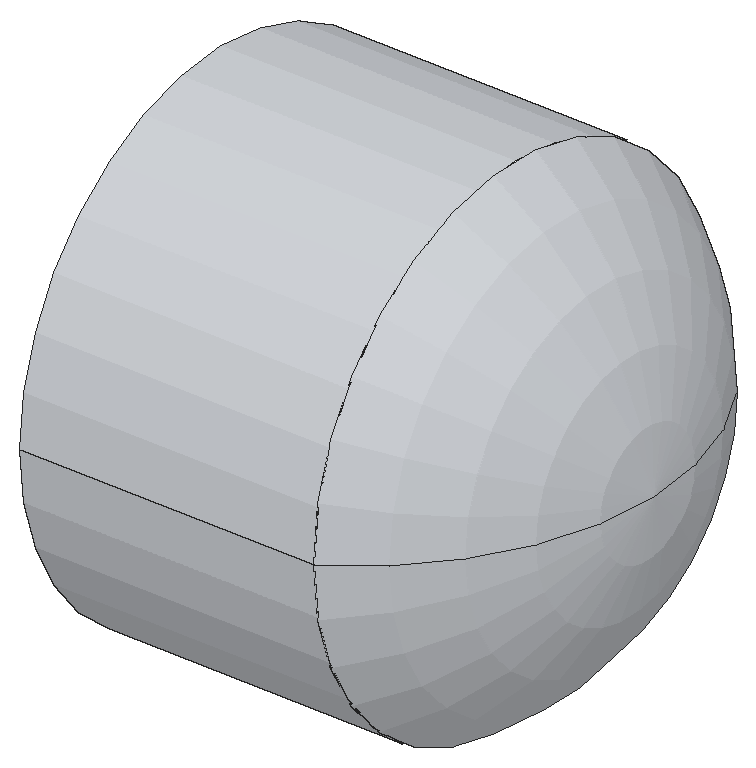
Revit family "M_Cobertura - PVC - Sch 40 - DWV", category Conexões de tubo, Revit 2019
Family settings
  Cota do conector redondo = Usar raio
  Tipo de parte = Cobertura
  Número OmniClass = 23.60.30.11.14
  Título OmniClass = Pipework Fittings
  ID de item do Seek = Cap - PVC - Sch 40 - DWV-0000-CAN-ENU
  Com base no plano de trabalho = Não
  Sempre na vertical = Sim
  Corte com vazios quando carregada = Não
  Compartilhado = Não
Parameters (values of type "Padrão")
  Profundidade do soquete [instance] = size_lookup(Nome da tabela de pesquisa, "SDpt", 0.45 * Diâmetro nominal + 13.196 mm, Diâmetro nominal)  # 33.35 mm
  Raio 1 [instance] = (Altura - Profundidade do soquete) / 2 + 0.5 * (Raio externo do soquete ^ 2) / (Altura - Profundidade do soquete)  # 33.655 mm
  Raio nominal [instance] = 20 mm
  Diâmetro nominal [instance] = Raio nominal * 2  # 40 mm
  Método de perda = Não definido
  Nome da tabela de pesquisa = "M_Cap - PVC - Sch 40 - DWV"
  Altura [instance] = size_lookup(Nome da tabela de pesquisa, "Hgt", 0.72 * Diâmetro nominal + 16.47 mm, Diâmetro nominal)  # 49.225 mm
  Raio externo do soquete [instance] = Diâmetro externo do soquete / 2  # 28.575 mm
  Diâmetro externo do soquete [instance] = size_lookup(Nome da tabela de pesquisa, "SOD", 1.07 * Diâmetro nominal + 19.05 mm, Diâmetro nominal)  # 57.15 mm
Reference planes
  plane 1 "Centro (Frente/Trás)": y = 0
  plane 2: z = 0
  plane 3 "Centro (Esquerda/Direita)": x = 0
  plane 4: x = 33.35
  plane 5: x = 49.225
  plane 6: x = 15.57
  plane 7: y = 28.575
Forms (mm)
  Extrusion 1, solid, detail levels fine
    sketch origin (0, 0, 0) x (0, 1, 0) y (0, 0, 1)
      loop
        circle (0, 0) r 28.575
    from 0 to 33.35
  Revolve 2, solid, detail levels fine
    sketch origin (0, 0, 0) x (1, 0, 0) y (0, 1, 0)
      loop
        line (33.35, 0) -> (49.225, 0)
        arc (49.225, 0) -> (44.99, 16.344) -> (33.35, 28.575) r 33.655
        line (33.35, 28.575) -> (33.35, 0)
      axis (49.225, 0) -> (33.35, 0)
    angle from 0 to 360
Cuts and joins
  joined: Extrusion 1, Revolve 2
Lines and regions (mm)
  model lines, detail levels coarse+medium
    curve 1: line (0, 28.575, 0) -> (49.225, 28.575, 0)
    curve 2: line (49.225, 28.575, 0) -> (49.225, -28.575, 0)
    curve 3: line (49.225, -28.575, 0) -> (0, -28.575, 0)
Dimensions and locks
  "Profundidade do soquete": plane 3 "Centro (Esquerda/Direita)" to plane 4
  "Altura": plane 3 "Centro (Esquerda/Direita)" to plane 5
  equal spacing: curve 3, plane 1 "Centro (Frente/Trás)", curve 1
  "Raio externo do soquete": plane 1 "Centro (Frente/Trás)" to curve 1
  "Raio 1": plane 6 to plane 5
  "Raio externo do soquete": plane 1 "Centro (Frente/Trás)" to plane 7
  "Raio externo do soquete": radius of Extrusion 1 sketch curve
  aligned and locked: level to Extrusion 1 sketch curve
  aligned and locked: plane 1 "Centro (Frente/Trás)" to Extrusion 1 sketch curve
  aligned and locked: plane 4 to Extrusion 1
  aligned and locked: Extrusion 1 to plane 3 "Centro (Esquerda/Direita)"
  aligned and locked: curve 2 to plane 5
  aligned and locked: plane 3 "Centro (Esquerda/Direita)" to curve 1
  aligned and locked: plane 3 "Centro (Esquerda/Direita)" to curve 3
  aligned and locked: plane 5 to Revolve 2 sketch curve
  aligned and locked: plane 7 to Revolve 2 sketch curve
  aligned and locked: plane 1 "Centro (Frente/Trás)" to Revolve 2 sketch curve  (x2)
  aligned and locked: plane 4 to Revolve 2 sketch curve
  aligned and locked: plane 6 to Revolve 2 sketch curve
  aligned and locked: Revolve 2 sketch curve to plane 1 "Centro (Frente/Trás)"
Automatic sketch dimensions
  Revolve 2 sketch curve to plane 3 "Centro (Esquerda/Direita)" = 1524 mm
  Revolve 2 sketch curve to Revolve 2 sketch curve = 1474.775 mm
Connectors
  piping at (0, 0, 0), diameter 40, driven by "Raio nominal"
    settings: on Extrusion 1, index 1, connector inside diameter 40 mm, connector length 0 mm, flow factor 0, pipe flow 0.0 L/s, pressure drop 0.0 Pa, fitting loss kfactor 0, connector angle 0.00°, fixture units 0, engagement length 0 mm, angle of deflection 0.00°, flow configuration 0, flow direction 0, fitting loss method 0, system type 28, joint type 0, gender type 0, connector reference index -1, connector utility 0, adjustable connector no, is connector primary yes, connector description ""
